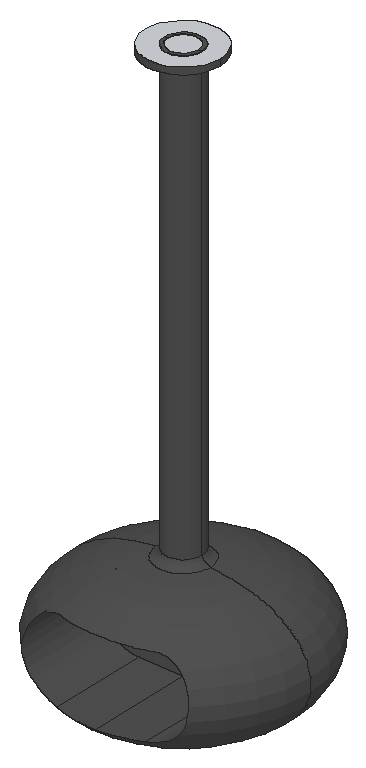
Revit family "Fireplace 3", category Generic Models, host Ceiling, Revit 2020
Family settings
  Host = Ceiling
  Can host rebar = No
  Round Connector Dimension = Use Diameter
  Part Type = Normal
  Always vertical = Yes
  Cut with Voids When Loaded = No
  Shared = No
  Room Calculation Point = No
Parameters
  Default Elevation = 0' - 0"
Reference planes (in)
  plane 1 "Center (Front/Back)": y = 0
  plane 2 "Ceiling": z = 96
  plane 3 "Center (Left/Right)": x = 0
Forms (in)
  Revolve 1, solid
    sketch origin (0, 0, 0.5) x (1, 0, 0) y (0, 0, 1)
      loop
        line (0, 96) -> (0, 8.57187)
        spline (0, 8.57187) -> (4.30164, 8.46877) -> (8.49097, 9.09618) -> (12.26474, 10.40866) -> (15.34978, 12.31123) -> (17.52278, 14.66616) -> (18.62646, 17.30298) -> (18.58091, 20.03085) -> (17.38944, 22.65228) -> (15.13829, 24.97754) -> (11.99041, 26.83831) -> (8.17366, 28.0999) -> (3.96432, 28.67098)
        arc (3.96432, 28.67098) -> (3.1774, 29.08616) -> (2.75, 29.86651) r 1.54478
        line (2.75, 29.86651) -> (2.75, 96) -> (0, 96)
      axis (0, 96) -> (0, 8.57187)
    angle from 0 to 360
  Extrusion 2, void
    sketch origin (0, 0, 0) x (1, 0, 0) y (0, 1, 0)
      loop
        circle (-0.04817, 0) r 2.25
    from 25.02675 to 96.5
  Extrusion 3, void
    sketch origin (0, 0, 0) x (1, 0, 0) y (0, 0, 1)
      loop
        line (-0.04817, 25.46634) -> (-6.54817, 25.21634)
        arc (-6.54817, 25.21634) -> (-12.27371, 19.49079) -> (-6.54817, 13.76525) r 5.72555
        line (-6.54817, 13.76525) -> (-0.04817, 13.51525) -> (6.45183, 13.76525)
        arc (6.45183, 13.76525) -> (12.17738, 19.49079) -> (6.45183, 25.21634) r 5.72555
        line (6.45183, 25.21634) -> (-0.04817, 25.46634)
    from 0 to 19.10479
  Extrusion 4, solid
    sketch origin (0, 0, 0) x (1, 0, 0) y (0, 1, 0)
      loop
        circle (-0.03559, -0.00321) r 5.5
    from 95.52518 to 96.5
Cuts and joins
  Extrusion 2, Extrusion 3 cuts Revolve 1
Dimensions and locks (in)
  equal spacing: host sketch curve, plane 3 "Center (Left/Right)", host sketch curve
  equal spacing: host sketch curve, plane 1 "Center (Front/Back)", host sketch curve
  host sketch curve to host sketch curve = 10' - 0"  (x2)
